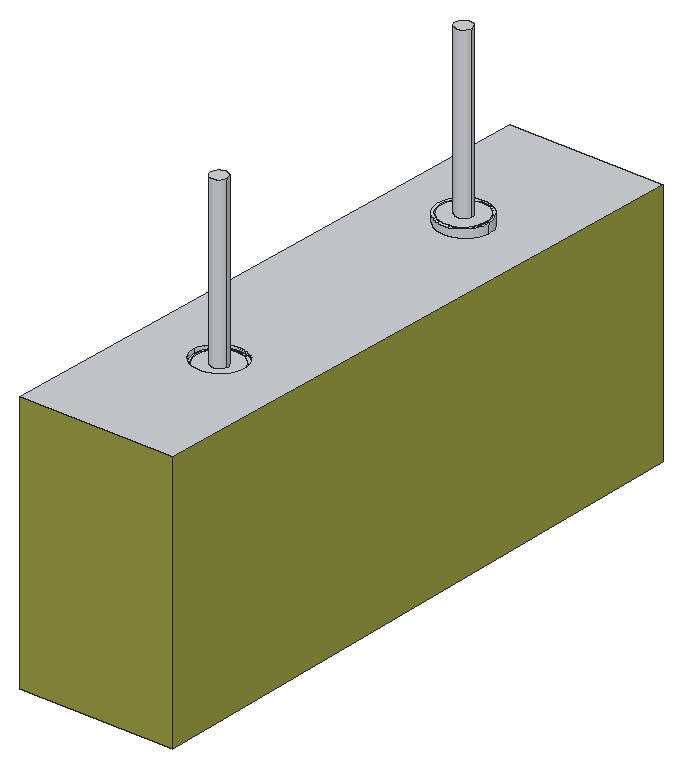
Revit family "KCPD_U CHONG XO_5", category Generic Models, Revit 2027
Family settings
  Can host rebar = No
  Round Connector Dimension = Use Diameter
  Part Type = Normal
  Work Plane-Based = No
  Always vertical = Yes
  Cut with Voids When Loaded = No
  Maintain Annotation Orientation = No
  Shared = No
  Room Calculation Point = No
Parameters
  Đơn vị = "CẤU KIỆN"
  Tên nhóm cấu kiện [instance] = ""
  Tên cấu kiện [instance] = ""
  Tên công trình [instance] = ""
  Thời gian kết thúc [instance] = ""
  Thời gian bắt đầu [instance] = ""
  RebarVolumn [instance] = ""
  Nhóm cấu kiện = "TRỤ"
  Mô tả [instance] = ""
  Model Material = none
  Loại cấu kiện = "ĐÁ KÊ GỐI"
  L_U neo [instance] = 1200 mm
  L_Thanh neo [instance] = 700 mm
  Khối lượng bê tông [instance] = 0.00 m³
  Dốc ngang_2 [instance] = 0.02
  Dốc ngang_1 [instance] = 0.02
  Hạng mục = "KẾT CẤU PHẦN DƯỚI"
  H_U neo [instance] = 500 mm
  H_Khoet [instance] = 400 mm
  Giá trị [instance] = ""
  Diện tích ván khuôn [instance] = 0.00 m²
  Dist_Thanh neo [instance] = 300 mm
  Default Elevation = 0 mm
  DKG_W_Top [instance] = 0 mm
  DKG_Mo rong day [instance] = 0 mm
  DKG_L_Top [instance] = 0 mm
  DKG_L_Tim_Mep [instance] = 0 mm
  DKG_H [instance] = 0 mm
  Công trình = "CẦU"
  B_U neo [instance] = 300 mm
  Góc xoay [instance] = 0.00°
  A9 [instance] = tan(abs(Góc xoay)) * Dist_Thanh neo  # 0 mm
  A8 [instance] = if(Dốc ngang_2 > 0, H_U neo - Dốc ngang_2 * L_U neo * 0.5, H_U neo - Dốc ngang_2 * L_U neo * 0.5)  # 488 mm
  A7 [instance] = if(Dốc ngang_2 > 0, H_U neo + Dốc ngang_2 * L_U neo * 0.5, H_U neo + Dốc ngang_2 * L_U neo * 0.5)  # 512 mm
  A6 [instance] = if(Dốc ngang_1 > 0, -A4, if(Dốc ngang_1 < 0, A4, 0 mm))  # -12 mm
  A5 [instance] = if(Dốc ngang_1 > 0, A4, if(Dốc ngang_1 < 0, -A4, 0 mm))  # 12 mm
  A4 [instance] = abs(Dốc ngang_1 * L_U neo * 0.5)  # 12 mm
  A3 [instance] = if(Góc xoay > 0.00°, -A1, A1)  # 0 mm
  A2 [instance] = if(Góc xoay > 0.00°, A1, -A1)  # 0 mm
  A13 [instance] = H_Khoet + 5 mm  # 405 mm
  A12 [instance] = H_U neo - H_Khoet  # 100 mm
  A11 [instance] = if(Góc xoay > 0.00°, 1000 mm + A9, 1000 mm - A9)  # 1000 mm
  A10 [instance] = if(Góc xoay > 0.00°, 1000 mm - A9, 1000 mm + A9)  # 1000 mm
  A1 [instance] = tan(abs(Góc xoay)) * L_U neo * 0.5  # 0 mm
Reference planes
  plane 1 "Center (Front/Back)": y = 0
  plane 2: z = 0
  plane 3 "Center (Left/Right)": x = 0
  plane 4: y = 600
  plane 5: y = -600
  plane 6: y = 300
  plane 7: y = -300
  plane 8: x = 1000
  plane 9: x = 0
  plane 10: x = 0
  plane 11: x = 50
  plane 12: x = -50
  plane 13: y = 350
  plane 14: y = 250
  plane 15: y = -250
  plane 16: y = -350
  plane 17: x = 50
  plane 18: x = -50
  plane 19: z = 100
  plane 20: z = 505
  plane 21: x = 45
  plane 22: x = -45
  plane 23: x = 45
  plane 24: x = -45
  plane 25: z = 105
  plane 26: x = 16
  plane 27: x = -16
  plane 28: x = 16
  plane 29: x = -16
  plane 30: z = 135
  plane 31: z = 835
Forms (mm)
  SweptBlend 1, solid, material <- "Model Material"
    path origin (0, 0, 0) x (1, 0, 0) y (0, 1, 0)
      loop
        line (0, -600) -> (0, 0)
    profile "MC_HÌNH CHỮ NHẬT : MC_HÌNH CHỮ NHẬT_Right" origin (0, -600, 0) x (-1, 0, 0) y (0, 0, 1)
      loop
        line (-150, 524) -> (-150, 12) -> (150, 12) -> (150, 524) -> (-150, 524)
    end profile "MC_HÌNH CHỮ NHẬT : MC_HÌNH CHỮ NHẬT_Middle" origin (0, 0, 0) x (-1, 0, 0) y (0, 0, 1)
      loop
        line (-150, 500) -> (-150, 0) -> (150, 0) -> (150, 500) -> (-150, 500)
  SweptBlend 2, solid, material <- "Model Material"
    path origin (0, 0, 0) x (1, 0, 0) y (0, 1, 0)
      loop
        line (0, 0) -> (0, 600)
    profile "MC_HÌNH CHỮ NHẬT : MC_HÌNH CHỮ NHẬT_Middle" origin (0, 0, 0) x (-1, 0, 0) y (0, 0, 1)
      loop
        line (-150, 500) -> (-150, 0) -> (150, 0) -> (150, 500) -> (-150, 500)
    end profile "MC_HÌNH CHỮ NHẬT : MC_HÌNH CHỮ NHẬT_Left" origin (0, 600, 0) x (-1, 0, 0) y (0, 0, 1)
      loop
        line (-150, 476) -> (-150, -12) -> (150, -12) -> (150, 476) -> (-150, 476)
  Extrusion 3, void
    sketch origin (0, 0, 0) x (1, 0, 0) y (0, 1, 0)
      loop
        circle (0, 300) r 50
    from 100 <- "A12" to 1000
  Extrusion 4, void
    sketch origin (0, 0, 0) x (1, 0, 0) y (0, 1, 0)
      loop
        circle (0, -300) r 50
    from 100 <- "A12" to 1000
  Extrusion 5, solid
    sketch origin (0, 0, 0) x (1, 0, 0) y (0, 1, 0)
      loop
        circle (0, -300) r 50.016
    from 100 to 505
  Extrusion 6, void
    sketch origin (0, 0, 0) x (1, 0, 0) y (0, 1, 0)
      loop
        circle (0, 300) r 45
    from 105 to 1000
  Extrusion 7, void
    sketch origin (0, 0, 0) x (1, 0, 0) y (0, 1, 0)
      loop
        circle (0, -300) r 45
    from 105 to 1000
  Extrusion 8, solid
    sketch origin (0, 0, 0) x (1, 0, 0) y (0, 1, 0)
      loop
        circle (0, 300) r 50
    from 100 to 505
  Extrusion 9, void
    sketch origin (0, 0, 0) x (1, 0, 0) y (0, 1, 0)
      loop
        circle (0, 300) r 16
    from 135 to 1000
  Extrusion 10, solid
    sketch origin (0, 0, 0) x (1, 0, 0) y (0, 1, 0)
      loop
        circle (0, 300) r 45
    from 105 to 505
  Extrusion 11, solid
    sketch origin (0, 0, 0) x (1, 0, 0) y (0, 1, 0)
      loop
        circle (0, 300) r 16
    from 135 to 835
  Extrusion 12, void
    sketch origin (0, 0, 0) x (1, 0, 0) y (0, 1, 0)
      loop
        circle (0, -300) r 16
    from 135 to 1000
  Extrusion 13, solid
    sketch origin (0, 0, 0) x (1, 0, 0) y (0, 1, 0)
      loop
        circle (0, -300) r 45
    from 105 to 505
  Extrusion 14, solid
    sketch origin (0, 0, 0) x (1, 0, 0) y (0, 1, 0)
      loop
        circle (0, -300) r 16
    from 135 to 835
Cuts and joins
  Extrusion 4, Extrusion 6, Extrusion 7, Extrusion 9, Extrusion 12 cuts SweptBlend 1
  Extrusion 3, Extrusion 6, Extrusion 7, Extrusion 9, Extrusion 12 cuts SweptBlend 2
  joined: SweptBlend 1, SweptBlend 2
  Extrusion 7, Extrusion 12 cuts Extrusion 5
  Extrusion 6, Extrusion 9 cuts Extrusion 8
  Extrusion 9 cuts Extrusion 10
  Extrusion 12 cuts Extrusion 13
Dimensions and locks
  equal spacing: plane 4, plane 1 "Center (Front/Back)", plane 5
  "L_U neo": plane 4 to plane 5
  "Dist_Thanh neo": plane 6 to plane 1 "Center (Front/Back)" to plane 7
  locked: plane 3 "Center (Left/Right)" to plane 8 at 1000
  "A10": plane 9 to plane 8
  "A11": plane 10 to plane 8
  plane 12 to plane 9 to plane 11 = 50 mm locked, 50 mm locked
  plane 18 to plane 10 to plane 17 = 50 mm locked, 50 mm locked
  "A12": level to plane 19
  "A13": plane 19 to plane 20
  locked: plane 12 to plane 22 at 5
  locked: plane 21 to plane 11 at 5
  locked: plane 18 to plane 24 at 5
  locked: plane 23 to plane 17 at 5
  locked: plane 19 to plane 25 at 5
  plane 27 to plane 9 to plane 26 = 16 mm locked, 16 mm locked
  plane 29 to plane 10 to plane 28 = 16 mm locked, 16 mm locked
  locked: plane 25 to plane 30 at 30
  "L_Thanh neo": plane 30 to plane 31
  aligned and locked: level to plane 2
  aligned and locked: plane 5 to SweptBlend 1 sketch curve
  aligned and locked: plane 3 "Center (Left/Right)" to SweptBlend 1 sketch curve
  aligned and locked: plane 1 "Center (Front/Back)" to SweptBlend 1 sketch curve
  aligned and locked: plane 1 "Center (Front/Back)" to SweptBlend 2 sketch curve
  aligned and locked: plane 3 "Center (Left/Right)" to SweptBlend 2 sketch curve
  aligned and locked: plane 4 to SweptBlend 2 sketch curve
  aligned and locked: plane 6 to Extrusion 3 sketch curve
  aligned and locked: plane 12 to Extrusion 3 sketch curve
  aligned and locked: plane 7 to Extrusion 4 sketch curve
  aligned and locked: plane 18 to Extrusion 4 sketch curve
  aligned and locked: cut or joined group of SweptBlend 1, SweptBlend 2, Extrusion 3, Extrusion 4, Extrusion 6, Extrusion 7, Extrusion 9, Extrusion 12 to Extrusion 5 sketch curve
  aligned and locked: plane 19 to Extrusion 5
  aligned and locked: Extrusion 5 to plane 20
  aligned and locked: plane 6 to Extrusion 6 sketch curve
  aligned and locked: plane 22 to Extrusion 6 sketch curve
  aligned and locked: plane 7 to Extrusion 7 sketch curve
  aligned and locked: plane 24 to Extrusion 7 sketch curve
  aligned and locked: plane 25 to cut or joined group of SweptBlend 1, SweptBlend 2, Extrusion 3, Extrusion 4, Extrusion 6, Extrusion 7, Extrusion 9, Extrusion 12  (x2)
  aligned and locked: cut or joined group of SweptBlend 1, SweptBlend 2, Extrusion 3, Extrusion 4, Extrusion 6, Extrusion 7, Extrusion 9, Extrusion 12 to Extrusion 8 sketch curve
  aligned and locked: Extrusion 8 to plane 20
  aligned and locked: plane 26 to Extrusion 9 sketch curve
  aligned and locked: plane 27 to Extrusion 9 sketch curve
  aligned and locked: plane 25 to Extrusion 10
  aligned and locked: Extrusion 10 to plane 20
  aligned and locked: Extrusion 11 to plane 31
  aligned and locked: plane 28 to Extrusion 12 sketch curve
  aligned and locked: plane 29 to Extrusion 12 sketch curve
  aligned and locked: plane 30 to cut or joined group of SweptBlend 1, SweptBlend 2, Extrusion 3, Extrusion 4, Extrusion 6, Extrusion 7, Extrusion 9, Extrusion 12
  aligned and locked: Extrusion 13 to plane 20
  aligned and locked: plane 30 to Extrusion 14
  aligned and locked: Extrusion 14 to plane 31
  aligned and locked: plane 25 to cut or joined group of Extrusion 12, Extrusion 13
Automatic sketch dimensions
  Extrusion 3 sketch curve to plane 9 = 0 mm
  Extrusion 3 sketch curve to Extrusion 3 sketch curve = 0 mm
  Extrusion 3 sketch curve to plane 6 = 0 mm  (x2)
  Extrusion 4 sketch curve to plane 10 = 0 mm
  Extrusion 4 sketch curve to Extrusion 4 sketch curve = 0 mm
  plane 7 to Extrusion 4 sketch curve = 0 mm  (x2)
  plane 7 to Extrusion 5 sketch curve = 0 mm  (x3)
  Extrusion 5 sketch curve to plane 10 = 0 mm
  Extrusion 5 sketch curve to Extrusion 5 sketch curve = 0 mm
  Extrusion 6 sketch curve to plane 9 = 0 mm
  Extrusion 6 sketch curve to Extrusion 6 sketch curve = 0 mm
  Extrusion 6 sketch curve to plane 6 = 0 mm  (x2)
  Extrusion 7 sketch curve to plane 10 = 0 mm
  plane 7 to Extrusion 7 sketch curve = 0 mm  (x2)
  Extrusion 7 sketch curve to Extrusion 7 sketch curve = 0 mm
  Extrusion 8 sketch curve to plane 12 = 0 mm
  Extrusion 8 sketch curve to plane 9 = 0 mm
  Extrusion 8 sketch curve to Extrusion 8 sketch curve = 0 mm
  Extrusion 8 sketch curve to plane 6 = 0 mm  (x2)
  Extrusion 9 sketch curve to plane 6 = 0 mm  (x3)
  Extrusion 9 sketch curve to Extrusion 9 sketch curve = 0 mm
  Extrusion 10 sketch curve to plane 6 = 0 mm  (x3)
  Extrusion 10 sketch curve to plane 22 = 0 mm
  Extrusion 10 sketch curve to plane 9 = 0 mm
  Extrusion 10 sketch curve to Extrusion 10 sketch curve = 0 mm
  Extrusion 11 sketch curve to plane 6 = 0 mm  (x3)
  Extrusion 11 sketch curve to plane 27 = 0 mm
  Extrusion 11 sketch curve to plane 9 = 0 mm
  Extrusion 11 sketch curve to Extrusion 11 sketch curve = 0 mm
  plane 7 to Extrusion 12 sketch curve = 0 mm  (x3)
  Extrusion 12 sketch curve to Extrusion 12 sketch curve = 0 mm
  plane 7 to Extrusion 13 sketch curve = 0 mm  (x3)
  Extrusion 13 sketch curve to plane 24 = 0 mm
  Extrusion 13 sketch curve to plane 10 = 0 mm
  Extrusion 13 sketch curve to Extrusion 13 sketch curve = 0 mm
  plane 7 to Extrusion 14 sketch curve = 0 mm  (x3)
  Extrusion 14 sketch curve to plane 29 = 0 mm
  Extrusion 14 sketch curve to plane 10 = 0 mm
  Extrusion 14 sketch curve to Extrusion 14 sketch curve = 0 mm
